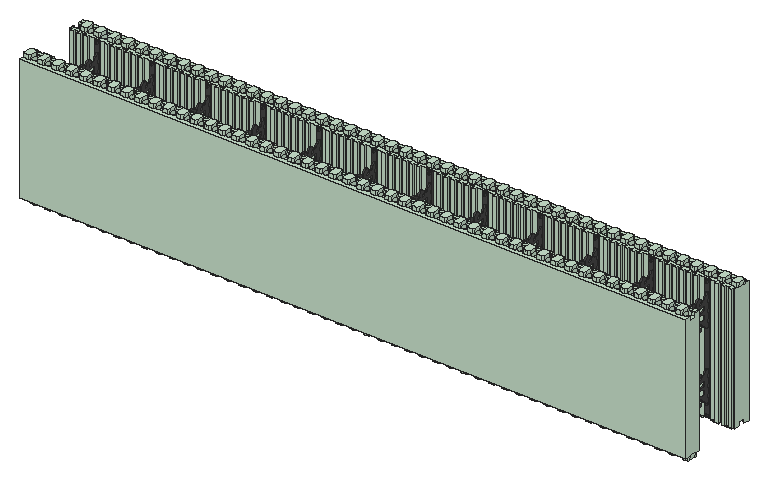
Revit family (continued)
Forms (mm)
  Extrusion 106, void
    sketch origin (457.2, 0.196, 0) x (-1, 0, 0) y (0, -1, 0)
      loop
        arc (50.8, 124.411) -> (49.585, 128.147) -> (46.404, 130.453) r 6.35
        arc (46.404, 130.453) -> (38.1, 131.763) -> (29.796, 130.453) r 26.987
        arc (29.796, 130.453) -> (26.615, 128.147) -> (25.4, 124.411) r 6.35
    from 0 to 12.7
  Extrusion 107, void
    sketch origin (508, 0.196, 0) x (-1, 0, 0) y (0, -1, 0)
      loop
        line (25.4, 124.411) -> (25.4, 101.014)
        arc (25.4, 101.014) -> (26.615, 97.278) -> (29.796, 94.972) r 6.35
        arc (29.796, 94.972) -> (36.091, 93.737) -> (42.5, 94.024) r 26.988
        arc (42.5, 94.024) -> (43.786, 93.668) -> (44.346, 92.457) r 1.587
        line (44.346, 92.457) -> (44.346, 86.829) -> (48.685, 86.829) -> (48.685, 95.62)
        arc (48.685, 95.62) -> (48.795, 96.199) -> (49.108, 96.698) r 1.588
        arc (49.108, 96.698) -> (50.362, 98.696) -> (50.8, 101.014) r 6.35
        line (50.8, 101.014) -> (50.8, 124.411)
        arc (50.8, 124.411) -> (49.585, 128.147) -> (46.404, 130.453) r 6.35
        arc (46.404, 130.453) -> (38.1, 131.763) -> (29.796, 130.453) r 26.987
        arc (29.796, 130.453) -> (26.615, 128.147) -> (25.4, 124.411) r 6.35
    from 0 to 12.7
  Extrusion 108, void
    sketch origin (558.8, 0.196, 0) x (-1, 0, 0) y (0, -1, 0)
      loop
        line (25.4, 124.411) -> (25.4, 101.014)
        arc (25.4, 101.014) -> (26.615, 97.278) -> (29.796, 94.972) r 6.35
        arc (29.796, 94.972) -> (36.091, 93.737) -> (42.5, 94.024) r 26.988
        arc (42.5, 94.024) -> (43.786, 93.668) -> (44.346, 92.457) r 1.587
        line (44.346, 92.457) -> (44.346, 86.829) -> (48.685, 86.829) -> (48.685, 95.62)
        arc (48.685, 95.62) -> (48.795, 96.199) -> (49.108, 96.698) r 1.588
        arc (49.108, 96.698) -> (50.362, 98.696) -> (50.8, 101.014) r 6.35
        line (50.8, 101.014) -> (50.8, 124.411)
        arc (50.8, 124.411) -> (49.585, 128.147) -> (46.404, 130.453) r 6.35
        arc (46.404, 130.453) -> (38.1, 131.763) -> (29.796, 130.453) r 26.987
        arc (29.796, 130.453) -> (26.615, 128.147) -> (25.4, 124.411) r 6.35
    from 0 to 12.7
  Extrusion 109, void
    sketch origin (609.6, 0.196, 0) x (-1, 0, 0) y (0, -1, 0)
      loop
        line (25.4, 124.411) -> (25.4, 101.014)
        arc (25.4, 101.014) -> (26.615, 97.278) -> (29.796, 94.972) r 6.35
        arc (29.796, 94.972) -> (36.091, 93.737) -> (42.5, 94.024) r 26.988
        arc (42.5, 94.024) -> (43.786, 93.668) -> (44.346, 92.457) r 1.587
        line (44.346, 92.457) -> (44.346, 86.829) -> (48.685, 86.829) -> (48.685, 95.62)
        arc (48.685, 95.62) -> (48.795, 96.199) -> (49.108, 96.698) r 1.588
        arc (49.108, 96.698) -> (50.362, 98.696) -> (50.8, 101.014) r 6.35
        line (50.8, 101.014) -> (50.8, 124.411)
        arc (50.8, 124.411) -> (49.585, 128.147) -> (46.404, 130.453) r 6.35
        arc (46.404, 130.453) -> (38.1, 131.763) -> (29.796, 130.453) r 26.987
        arc (29.796, 130.453) -> (26.615, 128.147) -> (25.4, 124.411) r 6.35
    from 0 to 12.7
  Extrusion 110, void
    sketch origin (660.4, 0.196, 0) x (-1, 0, 0) y (0, -1, 0)
      loop
        line (25.4, 124.411) -> (25.4, 101.014)
        arc (25.4, 101.014) -> (26.615, 97.278) -> (29.796, 94.972) r 6.35
        arc (29.796, 94.972) -> (36.091, 93.737) -> (42.5, 94.024) r 26.988
        arc (42.5, 94.024) -> (43.786, 93.668) -> (44.346, 92.457) r 1.587
        line (44.346, 92.457) -> (44.346, 86.829) -> (48.685, 86.829) -> (48.685, 95.62)
        arc (48.685, 95.62) -> (48.795, 96.199) -> (49.108, 96.698) r 1.588
        arc (49.108, 96.698) -> (50.362, 98.696) -> (50.8, 101.014) r 6.35
        line (50.8, 101.014) -> (50.8, 124.411)
        arc (50.8, 124.411) -> (49.585, 128.147) -> (46.404, 130.453) r 6.35
        arc (46.404, 130.453) -> (38.1, 131.763) -> (29.796, 130.453) r 26.987
        arc (29.796, 130.453) -> (26.615, 128.147) -> (25.4, 124.411) r 6.35
    from 0 to 12.7
  Extrusion 111, void
    sketch origin (711.2, 0.196, 0) x (-1, 0, 0) y (0, -1, 0)
      loop
        line (25.4, 124.411) -> (25.4, 101.014)
        arc (25.4, 101.014) -> (26.615, 97.278) -> (29.796, 94.972) r 6.35
        arc (29.796, 94.972) -> (36.091, 93.737) -> (42.5, 94.024) r 26.988
        arc (42.5, 94.024) -> (43.786, 93.668) -> (44.346, 92.457) r 1.587
        line (44.346, 92.457) -> (44.346, 86.829) -> (48.685, 86.829) -> (48.685, 95.62)
        arc (48.685, 95.62) -> (48.795, 96.199) -> (49.108, 96.698) r 1.588
        arc (49.108, 96.698) -> (50.362, 98.696) -> (50.8, 101.014) r 6.35
        line (50.8, 101.014) -> (50.8, 124.411)
        arc (50.8, 124.411) -> (49.585, 128.147) -> (46.404, 130.453) r 6.35
        arc (46.404, 130.453) -> (38.1, 131.763) -> (29.796, 130.453) r 26.987
        arc (29.796, 130.453) -> (26.615, 128.147) -> (25.4, 124.411) r 6.35
    from 0 to 12.7
  Extrusion 112, void
    sketch origin (762, 0.196, 0) x (-1, 0, 0) y (0, -1, 0)
      loop
        line (25.4, 124.411) -> (25.4, 101.014)
        arc (25.4, 101.014) -> (26.615, 97.278) -> (29.796, 94.972) r 6.35
        arc (29.796, 94.972) -> (36.091, 93.737) -> (42.5, 94.024) r 26.988
        arc (42.5, 94.024) -> (43.786, 93.668) -> (44.346, 92.457) r 1.587
        line (44.346, 92.457) -> (44.346, 86.829) -> (48.685, 86.829) -> (48.685, 95.62)
        arc (48.685, 95.62) -> (48.795, 96.199) -> (49.108, 96.698) r 1.588
        arc (49.108, 96.698) -> (50.362, 98.696) -> (50.8, 101.014) r 6.35
        line (50.8, 101.014) -> (50.8, 124.411)
        arc (50.8, 124.411) -> (49.585, 128.147) -> (46.404, 130.453) r 6.35
        arc (46.404, 130.453) -> (38.1, 131.763) -> (29.796, 130.453) r 26.987
        arc (29.796, 130.453) -> (26.615, 128.147) -> (25.4, 124.411) r 6.35
    from 0 to 12.7
  Extrusion 113, void
    sketch origin (812.8, 0.196, 0) x (-1, 0, 0) y (0, -1, 0)
      loop
        line (25.4, 124.411) -> (25.4, 101.014)
        arc (25.4, 101.014) -> (26.615, 97.278) -> (29.796, 94.972) r 6.35
        arc (29.796, 94.972) -> (36.091, 93.737) -> (42.5, 94.024) r 26.988
        arc (42.5, 94.024) -> (43.786, 93.668) -> (44.346, 92.457) r 1.587
        line (44.346, 92.457) -> (44.346, 86.829) -> (48.685, 86.829) -> (48.685, 95.62)
        arc (48.685, 95.62) -> (48.795, 96.199) -> (49.108, 96.698) r 1.588
        arc (49.108, 96.698) -> (50.362, 98.696) -> (50.8, 101.014) r 6.35
        line (50.8, 101.014) -> (50.8, 124.411)
        arc (50.8, 124.411) -> (49.585, 128.147) -> (46.404, 130.453) r 6.35
        arc (46.404, 130.453) -> (38.1, 131.763) -> (29.796, 130.453) r 26.987
        arc (29.796, 130.453) -> (26.615, 128.147) -> (25.4, 124.411) r 6.35
    from 0 to 12.7
  Extrusion 114, void
    sketch origin (863.6, 0.196, 0) x (-1, 0, 0) y (0, -1, 0)
      loop
        line (25.4, 124.411) -> (25.4, 101.014)
        arc (25.4, 101.014) -> (26.615, 97.278) -> (29.796, 94.972) r 6.35
        arc (29.796, 94.972) -> (36.091, 93.737) -> (42.5, 94.024) r 26.988
        arc (42.5, 94.024) -> (43.786, 93.668) -> (44.346, 92.457) r 1.587
        line (44.346, 92.457) -> (44.346, 86.829) -> (48.685, 86.829) -> (48.685, 95.62)
        arc (48.685, 95.62) -> (48.795, 96.199) -> (49.108, 96.698) r 1.588
        arc (49.108, 96.698) -> (50.362, 98.696) -> (50.8, 101.014) r 6.35
        line (50.8, 101.014) -> (50.8, 124.411)
        arc (50.8, 124.411) -> (49.585, 128.147) -> (46.404, 130.453) r 6.35
        arc (46.404, 130.453) -> (38.1, 131.763) -> (29.796, 130.453) r 26.987
        arc (29.796, 130.453) -> (26.615, 128.147) -> (25.4, 124.411) r 6.35
    from 0 to 12.7
  Extrusion 115, void
    sketch origin (914.4, 0.196, 0) x (-1, 0, 0) y (0, -1, 0)
      loop
        line (25.4, 124.411) -> (25.4, 101.014)
        arc (25.4, 101.014) -> (26.615, 97.278) -> (29.796, 94.972) r 6.35
        arc (29.796, 94.972) -> (36.091, 93.737) -> (42.5, 94.024) r 26.988
        arc (42.5, 94.024) -> (43.786, 93.668) -> (44.346, 92.457) r 1.587
        line (44.346, 92.457) -> (44.346, 86.829) -> (48.685, 86.829) -> (48.685, 95.62)
        arc (48.685, 95.62) -> (48.795, 96.199) -> (49.108, 96.698) r 1.588
        arc (49.108, 96.698) -> (50.362, 98.696) -> (50.8, 101.014) r 6.35
        line (50.8, 101.014) -> (50.8, 124.411)
        arc (50.8, 124.411) -> (49.585, 128.147) -> (46.404, 130.453) r 6.35
        arc (46.404, 130.453) -> (38.1, 131.763) -> (29.796, 130.453) r 26.987
        arc (29.796, 130.453) -> (26.615, 128.147) -> (25.4, 124.411) r 6.35
    from 0 to 12.7
  Extrusion 116, void
    sketch origin (965.2, 0.196, 0) x (-1, 0, 0) y (0, -1, 0)
      loop
        line (25.4, 124.411) -> (25.4, 101.014)
        arc (25.4, 101.014) -> (26.615, 97.278) -> (29.796, 94.972) r 6.35
        arc (29.796, 94.972) -> (36.091, 93.737) -> (42.5, 94.024) r 26.988
        arc (42.5, 94.024) -> (43.786, 93.668) -> (44.346, 92.457) r 1.587
        line (44.346, 92.457) -> (44.346, 86.829) -> (48.685, 86.829) -> (48.685, 95.62)
        arc (48.685, 95.62) -> (48.795, 96.199) -> (49.108, 96.698) r 1.588
        arc (49.108, 96.698) -> (50.362, 98.696) -> (50.8, 101.014) r 6.35
        line (50.8, 101.014) -> (50.8, 124.411)
        arc (50.8, 124.411) -> (49.585, 128.147) -> (46.404, 130.453) r 6.35
        arc (46.404, 130.453) -> (38.1, 131.763) -> (29.796, 130.453) r 26.987
        arc (29.796, 130.453) -> (26.615, 128.147) -> (25.4, 124.411) r 6.35
    from 0 to 12.7
  Extrusion 117, void
    sketch origin (1016, 0.196, 0) x (-1, 0, 0) y (0, -1, 0)
      loop
        line (25.4, 124.411) -> (25.4, 101.014)
        arc (25.4, 101.014) -> (26.615, 97.278) -> (29.796, 94.972) r 6.35
        arc (29.796, 94.972) -> (36.091, 93.737) -> (42.5, 94.024) r 26.988
        arc (42.5, 94.024) -> (43.786, 93.668) -> (44.346, 92.457) r 1.587
        line (44.346, 92.457) -> (44.346, 86.829) -> (48.685, 86.829) -> (48.685, 95.62)
        arc (48.685, 95.62) -> (48.795, 96.199) -> (49.108, 96.698) r 1.588
        arc (49.108, 96.698) -> (50.362, 98.696) -> (50.8, 101.014) r 6.35
        line (50.8, 101.014) -> (50.8, 124.411)
        arc (50.8, 124.411) -> (49.585, 128.147) -> (46.404, 130.453) r 6.35
        arc (46.404, 130.453) -> (38.1, 131.763) -> (29.796, 130.453) r 26.987
        arc (29.796, 130.453) -> (26.615, 128.147) -> (25.4, 124.411) r 6.35
    from 0 to 12.7
  Extrusion 118, void
    sketch origin (1066.8, 0.196, 0) x (-1, 0, 0) y (0, -1, 0)
      loop
        line (25.4, 124.411) -> (25.4, 101.014)
        arc (25.4, 101.014) -> (26.615, 97.278) -> (29.796, 94.972) r 6.35
        arc (29.796, 94.972) -> (36.091, 93.737) -> (42.5, 94.024) r 26.988
        arc (42.5, 94.024) -> (43.786, 93.668) -> (44.346, 92.457) r 1.587
        line (44.346, 92.457) -> (44.346, 86.829) -> (48.685, 86.829) -> (48.685, 95.62)
        arc (48.685, 95.62) -> (48.795, 96.199) -> (49.108, 96.698) r 1.588
        arc (49.108, 96.698) -> (50.362, 98.696) -> (50.8, 101.014) r 6.35
        line (50.8, 101.014) -> (50.8, 124.411)
        arc (50.8, 124.411) -> (49.585, 128.147) -> (46.404, 130.453) r 6.35
        arc (46.404, 130.453) -> (38.1, 131.763) -> (29.796, 130.453) r 26.987
        arc (29.796, 130.453) -> (26.615, 128.147) -> (25.4, 124.411) r 6.35
    from 0 to 12.7
  Extrusion 119, void
    sketch origin (1117.6, 0.196, 0) x (-1, 0, 0) y (0, -1, 0)
      loop
        line (25.4, 124.411) -> (25.4, 101.014)
        arc (25.4, 101.014) -> (26.615, 97.278) -> (29.796, 94.972) r 6.35
        arc (29.796, 94.972) -> (36.091, 93.737) -> (42.5, 94.024) r 26.988
        arc (42.5, 94.024) -> (43.786, 93.668) -> (44.346, 92.457) r 1.587
        line (44.346, 92.457) -> (44.346, 86.829) -> (48.685, 86.829) -> (48.685, 95.62)
        arc (48.685, 95.62) -> (48.795, 96.199) -> (49.108, 96.698) r 1.588
        arc (49.108, 96.698) -> (50.362, 98.696) -> (50.8, 101.014) r 6.35
        line (50.8, 101.014) -> (50.8, 124.411)
        arc (50.8, 124.411) -> (49.585, 128.147) -> (46.404, 130.453) r 6.35
        arc (46.404, 130.453) -> (38.1, 131.763) -> (29.796, 130.453) r 26.987
        arc (29.796, 130.453) -> (26.615, 128.147) -> (25.4, 124.411) r 6.35
    from 0 to 12.7
  Extrusion 120, void
    sketch origin (1168.4, 0.196, 0) x (-1, 0, 0) y (0, -1, 0)
      loop
        line (25.4, 124.411) -> (25.4, 101.014)
        arc (25.4, 101.014) -> (26.615, 97.278) -> (29.796, 94.972) r 6.35
        arc (29.796, 94.972) -> (36.091, 93.737) -> (42.5, 94.024) r 26.988
        arc (42.5, 94.024) -> (43.786, 93.668) -> (44.346, 92.457) r 1.587
        line (44.346, 92.457) -> (44.346, 86.829) -> (48.685, 86.829) -> (48.685, 95.62)
        arc (48.685, 95.62) -> (48.795, 96.199) -> (49.108, 96.698) r 1.588
        arc (49.108, 96.698) -> (50.362, 98.696) -> (50.8, 101.014) r 6.35
        line (50.8, 101.014) -> (50.8, 124.411)
        arc (50.8, 124.411) -> (49.585, 128.147) -> (46.404, 130.453) r 6.35
        arc (46.404, 130.453) -> (38.1, 131.763) -> (29.796, 130.453) r 26.987
        arc (29.796, 130.453) -> (26.615, 128.147) -> (25.4, 124.411) r 6.35
    from 0 to 12.7
  Extrusion 121, void
    sketch origin (1219.2, 0.196, 0) x (-1, 0, 0) y (0, -1, 0)
      loop
        line (25.4, 124.411) -> (25.4, 101.014)
        arc (25.4, 101.014) -> (26.615, 97.278) -> (29.796, 94.972) r 6.35
        arc (29.796, 94.972) -> (36.091, 93.737) -> (42.5, 94.024) r 26.988
        arc (42.5, 94.024) -> (43.786, 93.668) -> (44.346, 92.457) r 1.587
        line (44.346, 92.457) -> (44.346, 86.829) -> (48.685, 86.829) -> (48.685, 95.62)
        arc (48.685, 95.62) -> (48.795, 96.199) -> (49.108, 96.698) r 1.588
        arc (49.108, 96.698) -> (50.362, 98.696) -> (50.8, 101.014) r 6.35
        line (50.8, 101.014) -> (50.8, 124.411)
        arc (50.8, 124.411) -> (49.585, 128.147) -> (46.404, 130.453) r 6.35
        arc (46.404, 130.453) -> (38.1, 131.763) -> (29.796, 130.453) r 26.987
        arc (29.796, 130.453) -> (26.615, 128.147) -> (25.4, 124.411) r 6.35
    from 0 to 12.7
  Extrusion 122, void
    sketch origin (1270, 0.196, 0) x (-1, 0, 0) y (0, -1, 0)
      loop
        line (25.4, 124.411) -> (25.4, 101.014)
        arc (25.4, 101.014) -> (26.615, 97.278) -> (29.796, 94.972) r 6.35
        arc (29.796, 94.972) -> (36.091, 93.737) -> (42.5, 94.024) r 26.988
        arc (42.5, 94.024) -> (43.786, 93.668) -> (44.346, 92.457) r 1.587
        line (44.346, 92.457) -> (44.346, 86.829) -> (48.685, 86.829) -> (48.685, 95.62)
        arc (48.685, 95.62) -> (48.795, 96.199) -> (49.108, 96.698) r 1.588
        arc (49.108, 96.698) -> (50.362, 98.696) -> (50.8, 101.014) r 6.35
        line (50.8, 101.014) -> (50.8, 124.411)
        arc (50.8, 124.411) -> (49.585, 128.147) -> (46.404, 130.453) r 6.35
        arc (46.404, 130.453) -> (38.1, 131.763) -> (29.796, 130.453) r 26.987
        arc (29.796, 130.453) -> (26.615, 128.147) -> (25.4, 124.411) r 6.35
    from 0 to 12.7
  Extrusion 123, void
    sketch origin (1320.8, 0.196, 0) x (-1, 0, 0) y (0, -1, 0)
      loop
        line (25.4, 124.411) -> (25.4, 101.014)
        arc (25.4, 101.014) -> (26.615, 97.278) -> (29.796, 94.972) r 6.35
        arc (29.796, 94.972) -> (36.091, 93.737) -> (42.5, 94.024) r 26.988
        arc (42.5, 94.024) -> (43.786, 93.668) -> (44.346, 92.457) r 1.587
        line (44.346, 92.457) -> (44.346, 86.829) -> (48.685, 86.829) -> (48.685, 95.62)
        arc (48.685, 95.62) -> (48.795, 96.199) -> (49.108, 96.698) r 1.588
        arc (49.108, 96.698) -> (50.362, 98.696) -> (50.8, 101.014) r 6.35
        line (50.8, 101.014) -> (50.8, 124.411)
        arc (50.8, 124.411) -> (49.585, 128.147) -> (46.404, 130.453) r 6.35
        arc (46.404, 130.453) -> (38.1, 131.763) -> (29.796, 130.453) r 26.987
        arc (29.796, 130.453) -> (26.615, 128.147) -> (25.4, 124.411) r 6.35
    from 0 to 12.7
  Extrusion 124, void
    sketch origin (1371.6, 0.196, 0) x (-1, 0, 0) y (0, -1, 0)
      loop
        line (25.4, 124.411) -> (25.4, 101.014)
        arc (25.4, 101.014) -> (26.615, 97.278) -> (29.796, 94.972) r 6.35
        arc (29.796, 94.972) -> (36.091, 93.737) -> (42.5, 94.024) r 26.988
        arc (42.5, 94.024) -> (43.786, 93.668) -> (44.346, 92.457) r 1.587
        line (44.346, 92.457) -> (44.346, 86.829) -> (48.685, 86.829) -> (48.685, 95.62)
        arc (48.685, 95.62) -> (48.795, 96.199) -> (49.108, 96.698) r 1.588
        arc (49.108, 96.698) -> (50.362, 98.696) -> (50.8, 101.014) r 6.35
        line (50.8, 101.014) -> (50.8, 124.411)
        arc (50.8, 124.411) -> (49.585, 128.147) -> (46.404, 130.453) r 6.35
        arc (46.404, 130.453) -> (38.1, 131.763) -> (29.796, 130.453) r 26.987
        arc (29.796, 130.453) -> (26.615, 128.147) -> (25.4, 124.411) r 6.35
    from 0 to 12.7
  Extrusion 125, void
    sketch origin (1422.4, 0.196, 0) x (-1, 0, 0) y (0, -1, 0)
      loop
        line (25.4, 124.411) -> (25.4, 101.014)
        arc (25.4, 101.014) -> (26.615, 97.278) -> (29.796, 94.972) r 6.35
        arc (29.796, 94.972) -> (36.091, 93.737) -> (42.5, 94.024) r 26.988
        arc (42.5, 94.024) -> (43.786, 93.668) -> (44.346, 92.457) r 1.587
        line (44.346, 92.457) -> (44.346, 86.829) -> (48.685, 86.829) -> (48.685, 95.62)
        arc (48.685, 95.62) -> (48.795, 96.199) -> (49.108, 96.698) r 1.588
        arc (49.108, 96.698) -> (50.362, 98.696) -> (50.8, 101.014) r 6.35
        line (50.8, 101.014) -> (50.8, 124.411)
        arc (50.8, 124.411) -> (49.585, 128.147) -> (46.404, 130.453) r 6.35
        arc (46.404, 130.453) -> (38.1, 131.763) -> (29.796, 130.453) r 26.987
        arc (29.796, 130.453) -> (26.615, 128.147) -> (25.4, 124.411) r 6.35
    from 0 to 12.7
  Extrusion 126, void
    sketch origin (1473.2, 0.196, 0) x (-1, 0, 0) y (0, -1, 0)
      loop
        line (25.4, 124.411) -> (25.4, 101.014)
        arc (25.4, 101.014) -> (26.615, 97.278) -> (29.796, 94.972) r 6.35
        arc (29.796, 94.972) -> (36.091, 93.737) -> (42.5, 94.024) r 26.988
        arc (42.5, 94.024) -> (43.786, 93.668) -> (44.346, 92.457) r 1.587
        line (44.346, 92.457) -> (44.346, 86.829) -> (48.685, 86.829) -> (48.685, 95.62)
        arc (48.685, 95.62) -> (48.795, 96.199) -> (49.108, 96.698) r 1.588
        arc (49.108, 96.698) -> (50.362, 98.696) -> (50.8, 101.014) r 6.35
        line (50.8, 101.014) -> (50.8, 124.411)
        arc (50.8, 124.411) -> (49.585, 128.147) -> (46.404, 130.453) r 6.35
        arc (46.404, 130.453) -> (38.1, 131.763) -> (29.796, 130.453) r 26.987
        arc (29.796, 130.453) -> (26.615, 128.147) -> (25.4, 124.411) r 6.35
    from 0 to 12.7
  Extrusion 127, void
    sketch origin (1524, 0.196, 0) x (-1, 0, 0) y (0, -1, 0)
      loop
        line (25.4, 124.411) -> (25.4, 101.014)
        arc (25.4, 101.014) -> (26.615, 97.278) -> (29.796, 94.972) r 6.35
        arc (29.796, 94.972) -> (36.091, 93.737) -> (42.5, 94.024) r 26.988
        arc (42.5, 94.024) -> (43.786, 93.668) -> (44.346, 92.457) r 1.587
        line (44.346, 92.457) -> (44.346, 86.829) -> (48.685, 86.829) -> (48.685, 95.62)
        arc (48.685, 95.62) -> (48.795, 96.199) -> (49.108, 96.698) r 1.588
        arc (49.108, 96.698) -> (50.362, 98.696) -> (50.8, 101.014) r 6.35
        line (50.8, 101.014) -> (50.8, 124.411)
        arc (50.8, 124.411) -> (49.585, 128.147) -> (46.404, 130.453) r 6.35
        arc (46.404, 130.453) -> (38.1, 131.763) -> (29.796, 130.453) r 26.987
        arc (29.796, 130.453) -> (26.615, 128.147) -> (25.4, 124.411) r 6.35
    from 0 to 12.7
  Extrusion 128, void
    sketch origin (1574.8, 0.196, 0) x (-1, 0, 0) y (0, -1, 0)
      loop
        line (25.4, 124.411) -> (25.4, 101.014)
        arc (25.4, 101.014) -> (26.615, 97.278) -> (29.796, 94.972) r 6.35
        arc (29.796, 94.972) -> (36.091, 93.737) -> (42.5, 94.024) r 26.988
        arc (42.5, 94.024) -> (43.786, 93.668) -> (44.346, 92.457) r 1.587
        line (44.346, 92.457) -> (44.346, 86.829) -> (48.685, 86.829) -> (48.685, 95.62)
        arc (48.685, 95.62) -> (48.795, 96.199) -> (49.108, 96.698) r 1.588
        arc (49.108, 96.698) -> (50.362, 98.696) -> (50.8, 101.014) r 6.35
        line (50.8, 101.014) -> (50.8, 124.411)
        arc (50.8, 124.411) -> (49.585, 128.147) -> (46.404, 130.453) r 6.35
        arc (46.404, 130.453) -> (38.1, 131.763) -> (29.796, 130.453) r 26.987
        arc (29.796, 130.453) -> (26.615, 128.147) -> (25.4, 124.411) r 6.35
    from 0 to 12.7
  Extrusion 129, void
    sketch origin (1625.6, 0.196, 0) x (-1, 0, 0) y (0, -1, 0)
      loop
        line (25.4, 124.411) -> (25.4, 101.014)
        arc (25.4, 101.014) -> (26.615, 97.278) -> (29.796, 94.972) r 6.35
        arc (29.796, 94.972) -> (36.091, 93.737) -> (42.5, 94.024) r 26.988
        arc (42.5, 94.024) -> (43.786, 93.668) -> (44.346, 92.457) r 1.587
        line (44.346, 92.457) -> (44.346, 86.829) -> (48.685, 86.829) -> (48.685, 95.62)
        arc (48.685, 95.62) -> (48.795, 96.199) -> (49.108, 96.698) r 1.588
        arc (49.108, 96.698) -> (50.362, 98.696) -> (50.8, 101.014) r 6.35
        line (50.8, 101.014) -> (50.8, 124.411)
        arc (50.8, 124.411) -> (49.585, 128.147) -> (46.404, 130.453) r 6.35
        arc (46.404, 130.453) -> (38.1, 131.763) -> (29.796, 130.453) r 26.987
        arc (29.796, 130.453) -> (26.615, 128.147) -> (25.4, 124.411) r 6.35
    from 0 to 12.7
  Extrusion 130, void
    sketch origin (1676.4, 0.196, 0) x (-1, 0, 0) y (0, -1, 0)
      loop
        line (25.4, 124.411) -> (25.4, 101.014)
        arc (25.4, 101.014) -> (26.615, 97.278) -> (29.796, 94.972) r 6.35
        arc (29.796, 94.972) -> (36.091, 93.737) -> (42.5, 94.024) r 26.988
        arc (42.5, 94.024) -> (43.786, 93.668) -> (44.346, 92.457) r 1.587
        line (44.346, 92.457) -> (44.346, 86.829) -> (48.685, 86.829) -> (48.685, 95.62)
        arc (48.685, 95.62) -> (48.795, 96.199) -> (49.108, 96.698) r 1.588
        arc (49.108, 96.698) -> (50.362, 98.696) -> (50.8, 101.014) r 6.35
        line (50.8, 101.014) -> (50.8, 124.411)
        arc (50.8, 124.411) -> (49.585, 128.147) -> (46.404, 130.453) r 6.35
        arc (46.404, 130.453) -> (38.1, 131.763) -> (29.796, 130.453) r 26.987
        arc (29.796, 130.453) -> (26.615, 128.147) -> (25.4, 124.411) r 6.35
    from 0 to 12.7
  Extrusion 131, void
    sketch origin (1727.2, 0.196, 0) x (-1, 0, 0) y (0, -1, 0)
      loop
        line (25.4, 124.411) -> (25.4, 101.014)
        arc (25.4, 101.014) -> (26.615, 97.278) -> (29.796, 94.972) r 6.35
        arc (29.796, 94.972) -> (36.091, 93.737) -> (42.5, 94.024) r 26.988
        arc (42.5, 94.024) -> (43.786, 93.668) -> (44.346, 92.457) r 1.587
        line (44.346, 92.457) -> (44.346, 86.829) -> (48.685, 86.829) -> (48.685, 95.62)
        arc (48.685, 95.62) -> (48.795, 96.199) -> (49.108, 96.698) r 1.588
        arc (49.108, 96.698) -> (50.362, 98.696) -> (50.8, 101.014) r 6.35
        line (50.8, 101.014) -> (50.8, 124.411)
        arc (50.8, 124.411) -> (49.585, 128.147) -> (46.404, 130.453) r 6.35
        arc (46.404, 130.453) -> (38.1, 131.763) -> (29.796, 130.453) r 26.987
        arc (29.796, 130.453) -> (26.615, 128.147) -> (25.4, 124.411) r 6.35
    from 0 to 12.7
  Extrusion 132, void
    sketch origin (1778, 0.196, 0) x (-1, 0, 0) y (0, -1, 0)
      loop
        line (25.4, 124.411) -> (25.4, 101.014)
        arc (25.4, 101.014) -> (26.615, 97.278) -> (29.796, 94.972) r 6.35
        arc (29.796, 94.972) -> (36.091, 93.737) -> (42.5, 94.024) r 26.988
        arc (42.5, 94.024) -> (43.786, 93.668) -> (44.346, 92.457) r 1.587
        line (44.346, 92.457) -> (44.346, 86.829) -> (48.685, 86.829) -> (48.685, 95.62)
        arc (48.685, 95.62) -> (48.795, 96.199) -> (49.108, 96.698) r 1.588
        arc (49.108, 96.698) -> (50.362, 98.696) -> (50.8, 101.014) r 6.35
        line (50.8, 101.014) -> (50.8, 124.411)
        arc (50.8, 124.411) -> (49.585, 128.147) -> (46.404, 130.453) r 6.35
        arc (46.404, 130.453) -> (38.1, 131.763) -> (29.796, 130.453) r 26.987
        arc (29.796, 130.453) -> (26.615, 128.147) -> (25.4, 124.411) r 6.35
    from 0 to 12.7
  Extrusion 133, void
    sketch origin (1828.8, 0.196, 0) x (-1, 0, 0) y (0, -1, 0)
      loop
        line (25.4, 124.411) -> (25.4, 101.014)
        arc (25.4, 101.014) -> (26.615, 97.278) -> (29.796, 94.972) r 6.35
        arc (29.796, 94.972) -> (36.091, 93.737) -> (42.5, 94.024) r 26.988
        arc (42.5, 94.024) -> (43.786, 93.668) -> (44.346, 92.457) r 1.587
        line (44.346, 92.457) -> (44.346, 86.829) -> (48.685, 86.829) -> (48.685, 95.62)
        arc (48.685, 95.62) -> (48.795, 96.199) -> (49.108, 96.698) r 1.588
        arc (49.108, 96.698) -> (50.362, 98.696) -> (50.8, 101.014) r 6.35
        line (50.8, 101.014) -> (50.8, 124.411)
        arc (50.8, 124.411) -> (49.585, 128.147) -> (46.404, 130.453) r 6.35
        arc (46.404, 130.453) -> (38.1, 131.763) -> (29.796, 130.453) r 26.987
        arc (29.796, 130.453) -> (26.615, 128.147) -> (25.4, 124.411) r 6.35
    from 0 to 12.7
  Extrusion 134, void
    sketch origin (1879.6, 0.196, 0) x (-1, 0, 0) y (0, -1, 0)
      loop
        line (25.4, 124.411) -> (25.4, 101.014)
        arc (25.4, 101.014) -> (26.615, 97.278) -> (29.796, 94.972) r 6.35
        arc (29.796, 94.972) -> (36.091, 93.737) -> (42.5, 94.024) r 26.988
        arc (42.5, 94.024) -> (43.786, 93.668) -> (44.346, 92.457) r 1.587
        line (44.346, 92.457) -> (44.346, 86.829) -> (48.685, 86.829) -> (48.685, 95.62)
        arc (48.685, 95.62) -> (48.795, 96.199) -> (49.108, 96.698) r 1.588
        arc (49.108, 96.698) -> (50.362, 98.696) -> (50.8, 101.014) r 6.35
        line (50.8, 101.014) -> (50.8, 124.411)
        arc (50.8, 124.411) -> (49.585, 128.147) -> (46.404, 130.453) r 6.35
        arc (46.404, 130.453) -> (38.1, 131.763) -> (29.796, 130.453) r 26.987
        arc (29.796, 130.453) -> (26.615, 128.147) -> (25.4, 124.411) r 6.35
    from 0 to 12.7
  Extrusion 135, void
    sketch origin (1930.4, 0.196, 0) x (-1, 0, 0) y (0, -1, 0)
      loop
        line (25.4, 124.411) -> (25.4, 101.014)
        arc (25.4, 101.014) -> (26.615, 97.278) -> (29.796, 94.972) r 6.35
        arc (29.796, 94.972) -> (36.091, 93.737) -> (42.5, 94.024) r 26.988
        arc (42.5, 94.024) -> (43.786, 93.668) -> (44.346, 92.457) r 1.587
        line (44.346, 92.457) -> (44.346, 86.829) -> (48.685, 86.829) -> (48.685, 95.62)
        arc (48.685, 95.62) -> (48.795, 96.199) -> (49.108, 96.698) r 1.588
        arc (49.108, 96.698) -> (50.362, 98.696) -> (50.8, 101.014) r 6.35
        line (50.8, 101.014) -> (50.8, 124.411)
        arc (50.8, 124.411) -> (49.585, 128.147) -> (46.404, 130.453) r 6.35
        arc (46.404, 130.453) -> (38.1, 131.763) -> (29.796, 130.453) r 26.987
        arc (29.796, 130.453) -> (26.615, 128.147) -> (25.4, 124.411) r 6.35
    from 0 to 12.7
  Extrusion 136, void
    sketch origin (1981.2, 0.196, 0) x (-1, 0, 0) y (0, -1, 0)
      loop
        line (25.4, 124.411) -> (25.4, 101.014)
        arc (25.4, 101.014) -> (26.615, 97.278) -> (29.796, 94.972) r 6.35
        arc (29.796, 94.972) -> (36.091, 93.737) -> (42.5, 94.024) r 26.988
        arc (42.5, 94.024) -> (43.786, 93.668) -> (44.346, 92.457) r 1.587
        line (44.346, 92.457) -> (44.346, 86.829) -> (48.685, 86.829) -> (48.685, 95.62)
        arc (48.685, 95.62) -> (48.795, 96.199) -> (49.108, 96.698) r 1.588
        arc (49.108, 96.698) -> (50.362, 98.696) -> (50.8, 101.014) r 6.35
        line (50.8, 101.014) -> (50.8, 124.411)
        arc (50.8, 124.411) -> (49.585, 128.147) -> (46.404, 130.453) r 6.35
        arc (46.404, 130.453) -> (38.1, 131.763) -> (29.796, 130.453) r 26.987
        arc (29.796, 130.453) -> (26.615, 128.147) -> (25.4, 124.411) r 6.35
    from 0 to 12.7
  Extrusion 137, void
    sketch origin (2032, 0.196, 0) x (-1, 0, 0) y (0, -1, 0)
      loop
        line (25.4, 124.411) -> (25.4, 101.014)
        arc (25.4, 101.014) -> (26.615, 97.278) -> (29.796, 94.972) r 6.35
        arc (29.796, 94.972) -> (36.091, 93.737) -> (42.5, 94.024) r 26.988
        arc (42.5, 94.024) -> (43.786, 93.668) -> (44.346, 92.457) r 1.587
        line (44.346, 92.457) -> (44.346, 86.829) -> (48.685, 86.829) -> (48.685, 95.62)
        arc (48.685, 95.62) -> (48.795, 96.199) -> (49.108, 96.698) r 1.588
        arc (49.108, 96.698) -> (50.362, 98.696) -> (50.8, 101.014) r 6.35
        line (50.8, 101.014) -> (50.8, 124.411)
        arc (50.8, 124.411) -> (49.585, 128.147) -> (46.404, 130.453) r 6.35
        arc (46.404, 130.453) -> (38.1, 131.763) -> (29.796, 130.453) r 26.987
        arc (29.796, 130.453) -> (26.615, 128.147) -> (25.4, 124.411) r 6.35
    from 0 to 12.7
  Extrusion 138, void
    sketch origin (2082.8, 0.196, 0) x (-1, 0, 0) y (0, -1, 0)
      loop
        line (25.4, 124.411) -> (25.4, 101.014)
        arc (25.4, 101.014) -> (26.615, 97.278) -> (29.796, 94.972) r 6.35
        arc (29.796, 94.972) -> (36.091, 93.737) -> (42.5, 94.024) r 26.988
        arc (42.5, 94.024) -> (43.786, 93.668) -> (44.346, 92.457) r 1.587
        line (44.346, 92.457) -> (44.346, 86.829) -> (48.685, 86.829) -> (48.685, 95.62)
        arc (48.685, 95.62) -> (48.795, 96.199) -> (49.108, 96.698) r 1.588
        arc (49.108, 96.698) -> (50.362, 98.696) -> (50.8, 101.014) r 6.35
        line (50.8, 101.014) -> (50.8, 124.411)
        arc (50.8, 124.411) -> (49.585, 128.147) -> (46.404, 130.453) r 6.35
        arc (46.404, 130.453) -> (38.1, 131.763) -> (29.796, 130.453) r 26.987
        arc (29.796, 130.453) -> (26.615, 128.147) -> (25.4, 124.411) r 6.35
    from 0 to 12.7
  Extrusion 139, void
    sketch origin (2133.6, 0.196, 0) x (-1, 0, 0) y (0, -1, 0)
      loop
        line (25.4, 124.411) -> (25.4, 101.014)
        arc (25.4, 101.014) -> (26.615, 97.278) -> (29.796, 94.972) r 6.35
        arc (29.796, 94.972) -> (36.091, 93.737) -> (42.5, 94.024) r 26.988
        arc (42.5, 94.024) -> (43.786, 93.668) -> (44.346, 92.457) r 1.587
        line (44.346, 92.457) -> (44.346, 86.829) -> (48.685, 86.829) -> (48.685, 95.62)
        arc (48.685, 95.62) -> (48.795, 96.199) -> (49.108, 96.698) r 1.588
        arc (49.108, 96.698) -> (50.362, 98.696) -> (50.8, 101.014) r 6.35
        line (50.8, 101.014) -> (50.8, 124.411)
        arc (50.8, 124.411) -> (49.585, 128.147) -> (46.404, 130.453) r 6.35
        arc (46.404, 130.453) -> (38.1, 131.763) -> (29.796, 130.453) r 26.987
        arc (29.796, 130.453) -> (26.615, 128.147) -> (25.4, 124.411) r 6.35
    from 0 to 12.7
  Extrusion 140, void
    sketch origin (2184.4, 0.196, 0) x (-1, 0, 0) y (0, -1, 0)
      loop
        line (25.4, 124.411) -> (25.4, 101.014)
        arc (25.4, 101.014) -> (26.615, 97.278) -> (29.796, 94.972) r 6.35
        arc (29.796, 94.972) -> (36.091, 93.737) -> (42.5, 94.024) r 26.988
        arc (42.5, 94.024) -> (43.786, 93.668) -> (44.346, 92.457) r 1.587
        line (44.346, 92.457) -> (44.346, 86.829) -> (48.685, 86.829) -> (48.685, 95.62)
        arc (48.685, 95.62) -> (48.795, 96.199) -> (49.108, 96.698) r 1.588
        arc (49.108, 96.698) -> (50.362, 98.696) -> (50.8, 101.014) r 6.35
        line (50.8, 101.014) -> (50.8, 124.411)
        arc (50.8, 124.411) -> (49.585, 128.147) -> (46.404, 130.453) r 6.35
        arc (46.404, 130.453) -> (38.1, 131.763) -> (29.796, 130.453) r 26.987
        arc (29.796, 130.453) -> (26.615, 128.147) -> (25.4, 124.411) r 6.35
    from 0 to 12.7
  Extrusion 141, void
    sketch origin (2235.2, 0.196, 0) x (-1, 0, 0) y (0, -1, 0)
      loop
        line (25.4, 124.411) -> (25.4, 101.014)
        arc (25.4, 101.014) -> (26.615, 97.278) -> (29.796, 94.972) r 6.35
        arc (29.796, 94.972) -> (36.091, 93.737) -> (42.5, 94.024) r 26.988
        arc (42.5, 94.024) -> (43.786, 93.668) -> (44.346, 92.457) r 1.587
        line (44.346, 92.457) -> (44.346, 86.829) -> (48.685, 86.829) -> (48.685, 95.62)
        arc (48.685, 95.62) -> (48.795, 96.199) -> (49.108, 96.698) r 1.588
        arc (49.108, 96.698) -> (50.362, 98.696) -> (50.8, 101.014) r 6.35
        line (50.8, 101.014) -> (50.8, 124.411)
        arc (50.8, 124.411) -> (49.585, 128.147) -> (46.404, 130.453) r 6.35
        arc (46.404, 130.453) -> (38.1, 131.763) -> (29.796, 130.453) r 26.987
        arc (29.796, 130.453) -> (26.615, 128.147) -> (25.4, 124.411) r 6.35
    from 0 to 12.7
  Extrusion 142, void
    sketch origin (2286, 0.196, 0) x (-1, 0, 0) y (0, -1, 0)
      loop
        line (25.4, 124.411) -> (25.4, 101.014)
        arc (25.4, 101.014) -> (26.615, 97.278) -> (29.796, 94.972) r 6.35
        arc (29.796, 94.972) -> (36.091, 93.737) -> (42.5, 94.024) r 26.988
        arc (42.5, 94.024) -> (43.786, 93.668) -> (44.346, 92.457) r 1.587
        line (44.346, 92.457) -> (44.346, 86.829) -> (48.685, 86.829) -> (48.685, 95.62)
        arc (48.685, 95.62) -> (48.795, 96.199) -> (49.108, 96.698) r 1.588
        arc (49.108, 96.698) -> (50.362, 98.696) -> (50.8, 101.014) r 6.35
        line (50.8, 101.014) -> (50.8, 124.411)
        arc (50.8, 124.411) -> (49.585, 128.147) -> (46.404, 130.453) r 6.35
        arc (46.404, 130.453) -> (38.1, 131.763) -> (29.796, 130.453) r 26.987
        arc (29.796, 130.453) -> (26.615, 128.147) -> (25.4, 124.411) r 6.35
    from 0 to 12.7
  Extrusion 143, void
    sketch origin (2336.8, 0.196, 0) x (-1, 0, 0) y (0, -1, 0)
      loop
        line (25.4, 124.411) -> (25.4, 101.014)
        arc (25.4, 101.014) -> (26.615, 97.278) -> (29.796, 94.972) r 6.35
        arc (29.796, 94.972) -> (36.091, 93.737) -> (42.5, 94.024) r 26.988
        arc (42.5, 94.024) -> (43.786, 93.668) -> (44.346, 92.457) r 1.587
        line (44.346, 92.457) -> (44.346, 86.829) -> (48.685, 86.829) -> (48.685, 95.62)
        arc (48.685, 95.62) -> (48.795, 96.199) -> (49.108, 96.698) r 1.588
        arc (49.108, 96.698) -> (50.362, 98.696) -> (50.8, 101.014) r 6.35
        line (50.8, 101.014) -> (50.8, 124.411)
        arc (50.8, 124.411) -> (49.585, 128.147) -> (46.404, 130.453) r 6.35
        arc (46.404, 130.453) -> (38.1, 131.763) -> (29.796, 130.453) r 26.987
        arc (29.796, 130.453) -> (26.615, 128.147) -> (25.4, 124.411) r 6.35
    from 0 to 12.7
  Extrusion 144, void
    sketch origin (2387.6, 0.196, 0) x (-1, 0, 0) y (0, -1, 0)
      loop
        line (25.4, 124.411) -> (25.4, 101.014)
        arc (25.4, 101.014) -> (26.615, 97.278) -> (29.796, 94.972) r 6.35
        arc (29.796, 94.972) -> (36.091, 93.737) -> (42.5, 94.024) r 26.988
        arc (42.5, 94.024) -> (43.786, 93.668) -> (44.346, 92.457) r 1.587
        line (44.346, 92.457) -> (44.346, 86.829) -> (48.685, 86.829) -> (48.685, 95.62)
        arc (48.685, 95.62) -> (48.795, 96.199) -> (49.108, 96.698) r 1.588
        arc (49.108, 96.698) -> (50.362, 98.696) -> (50.8, 101.014) r 6.35
        line (50.8, 101.014) -> (50.8, 124.411)
        arc (50.8, 124.411) -> (49.585, 128.147) -> (46.404, 130.453) r 6.35
        arc (46.404, 130.453) -> (38.1, 131.763) -> (29.796, 130.453) r 26.987
        arc (29.796, 130.453) -> (26.615, 128.147) -> (25.4, 124.411) r 6.35
    from 0 to 12.7
  Extrusion 145, void
    sketch origin (2438.4, 0.196, 0) x (-1, 0, 0) y (0, -1, 0)
      loop
        line (25.4, 124.411) -> (25.4, 101.014)
        arc (25.4, 101.014) -> (26.615, 97.278) -> (29.796, 94.972) r 6.35
        arc (29.796, 94.972) -> (36.091, 93.737) -> (42.5, 94.024) r 26.988
        arc (42.5, 94.024) -> (43.786, 93.668) -> (44.346, 92.457) r 1.587
        line (44.346, 92.457) -> (44.346, 86.829) -> (48.685, 86.829) -> (48.685, 95.62)
        arc (48.685, 95.62) -> (48.795, 96.199) -> (49.108, 96.698) r 1.588
        arc (49.108, 96.698) -> (50.362, 98.696) -> (50.8, 101.014) r 6.35
        line (50.8, 101.014) -> (50.8, 124.411)
        arc (50.8, 124.411) -> (49.585, 128.147) -> (46.404, 130.453) r 6.35
        arc (46.404, 130.453) -> (38.1, 131.763) -> (29.796, 130.453) r 26.987
        arc (29.796, 130.453) -> (26.615, 128.147) -> (25.4, 124.411) r 6.35
    from 0 to 12.7
  Extrusion 146, void
    sketch origin (2387.6, 0.196, 0) x (1, 0, 0) y (0, 1, 0)
      loop
        line (25.4, 124.411) -> (25.4, 101.014)
        arc (25.4, 101.014) -> (26.615, 97.278) -> (29.796, 94.972) r 6.35
        arc (29.796, 94.972) -> (36.091, 93.737) -> (42.5, 94.024) r 26.988
        arc (42.5, 94.024) -> (43.786, 93.668) -> (44.346, 92.457) r 1.587
        line (44.346, 92.457) -> (44.346, 86.829) -> (48.685, 86.829) -> (48.685, 95.62)
        arc (48.685, 95.62) -> (48.795, 96.199) -> (49.108, 96.698) r 1.588
        arc (49.108, 96.698) -> (50.362, 98.696) -> (50.8, 101.014) r 6.35
        line (50.8, 101.014) -> (50.8, 124.411)
        arc (50.8, 124.411) -> (49.585, 128.147) -> (46.404, 130.453) r 6.35
        arc (46.404, 130.453) -> (38.1, 131.763) -> (29.796, 130.453) r 26.987
        arc (29.796, 130.453) -> (26.615, 128.147) -> (25.4, 124.411) r 6.35
    from 0 to 12.7
  Extrusion 147, void
    sketch origin (2336.8, 0.196, 0) x (1, 0, 0) y (0, 1, 0)
      loop
        line (25.4, 124.411) -> (25.4, 101.014)
        arc (25.4, 101.014) -> (26.615, 97.278) -> (29.796, 94.972) r 6.35
        arc (29.796, 94.972) -> (36.091, 93.737) -> (42.5, 94.024) r 26.988
        arc (42.5, 94.024) -> (43.786, 93.668) -> (44.346, 92.457) r 1.587
        line (44.346, 92.457) -> (44.346, 86.829) -> (48.685, 86.829) -> (48.685, 95.62)
        arc (48.685, 95.62) -> (48.795, 96.199) -> (49.108, 96.698) r 1.588
        arc (49.108, 96.698) -> (50.362, 98.696) -> (50.8, 101.014) r 6.35
        line (50.8, 101.014) -> (50.8, 124.411)
        arc (50.8, 124.411) -> (49.585, 128.147) -> (46.404, 130.453) r 6.35
        arc (46.404, 130.453) -> (38.1, 131.763) -> (29.796, 130.453) r 26.987
        arc (29.796, 130.453) -> (26.615, 128.147) -> (25.4, 124.411) r 6.35
    from 0 to 12.7
  Extrusion 148, void
    sketch origin (2286, 0.196, 0) x (1, 0, 0) y (0, 1, 0)
      loop
        line (25.4, 124.411) -> (25.4, 101.014)
        arc (25.4, 101.014) -> (26.615, 97.278) -> (29.796, 94.972) r 6.35
        arc (29.796, 94.972) -> (36.091, 93.737) -> (42.5, 94.024) r 26.988
        arc (42.5, 94.024) -> (43.786, 93.668) -> (44.346, 92.457) r 1.587
        line (44.346, 92.457) -> (44.346, 86.829) -> (48.685, 86.829) -> (48.685, 95.62)
        arc (48.685, 95.62) -> (48.795, 96.199) -> (49.108, 96.698) r 1.588
        arc (49.108, 96.698) -> (50.362, 98.696) -> (50.8, 101.014) r 6.35
        line (50.8, 101.014) -> (50.8, 124.411)
        arc (50.8, 124.411) -> (49.585, 128.147) -> (46.404, 130.453) r 6.35
        arc (46.404, 130.453) -> (38.1, 131.763) -> (29.796, 130.453) r 26.987
        arc (29.796, 130.453) -> (26.615, 128.147) -> (25.4, 124.411) r 6.35
    from 0 to 12.7
  Extrusion 149, void
    sketch origin (2235.2, 0.196, 0) x (1, 0, 0) y (0, 1, 0)
      loop
        line (25.4, 124.411) -> (25.4, 101.014)
        arc (25.4, 101.014) -> (26.615, 97.278) -> (29.796, 94.972) r 6.35
        arc (29.796, 94.972) -> (36.091, 93.737) -> (42.5, 94.024) r 26.988
        arc (42.5, 94.024) -> (43.786, 93.668) -> (44.346, 92.457) r 1.587
        line (44.346, 92.457) -> (44.346, 86.829) -> (48.685, 86.829) -> (48.685, 95.62)
        arc (48.685, 95.62) -> (48.795, 96.199) -> (49.108, 96.698) r 1.588
        arc (49.108, 96.698) -> (50.362, 98.696) -> (50.8, 101.014) r 6.35
        line (50.8, 101.014) -> (50.8, 124.411)
        arc (50.8, 124.411) -> (49.585, 128.147) -> (46.404, 130.453) r 6.35
        arc (46.404, 130.453) -> (38.1, 131.763) -> (29.796, 130.453) r 26.987
        arc (29.796, 130.453) -> (26.615, 128.147) -> (25.4, 124.411) r 6.35
    from 0 to 12.7
  Extrusion 150, void
    sketch origin (2184.4, 0.196, 0) x (1, 0, 0) y (0, 1, 0)
      loop
        line (25.4, 124.411) -> (25.4, 101.014)
        arc (25.4, 101.014) -> (26.615, 97.278) -> (29.796, 94.972) r 6.35
        arc (29.796, 94.972) -> (36.091, 93.737) -> (42.5, 94.024) r 26.988
        arc (42.5, 94.024) -> (43.786, 93.668) -> (44.346, 92.457) r 1.587
        line (44.346, 92.457) -> (44.346, 86.829) -> (48.685, 86.829) -> (48.685, 95.62)
        arc (48.685, 95.62) -> (48.795, 96.199) -> (49.108, 96.698) r 1.588
        arc (49.108, 96.698) -> (50.362, 98.696) -> (50.8, 101.014) r 6.35
        line (50.8, 101.014) -> (50.8, 124.411)
        arc (50.8, 124.411) -> (49.585, 128.147) -> (46.404, 130.453) r 6.35
        arc (46.404, 130.453) -> (38.1, 131.763) -> (29.796, 130.453) r 26.987
        arc (29.796, 130.453) -> (26.615, 128.147) -> (25.4, 124.411) r 6.35
    from 0 to 12.7
  Extrusion 151, void
    sketch origin (2133.6, 0.196, 0) x (1, 0, 0) y (0, 1, 0)
      loop
        line (25.4, 124.411) -> (25.4, 101.014)
        arc (25.4, 101.014) -> (26.615, 97.278) -> (29.796, 94.972) r 6.35
        arc (29.796, 94.972) -> (36.091, 93.737) -> (42.5, 94.024) r 26.988
        arc (42.5, 94.024) -> (43.786, 93.668) -> (44.346, 92.457) r 1.587
        line (44.346, 92.457) -> (44.346, 86.829) -> (48.685, 86.829) -> (48.685, 95.62)
        arc (48.685, 95.62) -> (48.795, 96.199) -> (49.108, 96.698) r 1.588
        arc (49.108, 96.698) -> (50.362, 98.696) -> (50.8, 101.014) r 6.35
        line (50.8, 101.014) -> (50.8, 124.411)
        arc (50.8, 124.411) -> (49.585, 128.147) -> (46.404, 130.453) r 6.35
        arc (46.404, 130.453) -> (38.1, 131.763) -> (29.796, 130.453) r 26.987
        arc (29.796, 130.453) -> (26.615, 128.147) -> (25.4, 124.411) r 6.35
    from 0 to 12.7
  Extrusion 152, void
    sketch origin (2082.8, 0.196, 0) x (1, 0, 0) y (0, 1, 0)
      loop
        line (25.4, 124.411) -> (25.4, 101.014)
        arc (25.4, 101.014) -> (26.615, 97.278) -> (29.796, 94.972) r 6.35
        arc (29.796, 94.972) -> (36.091, 93.737) -> (42.5, 94.024) r 26.988
        arc (42.5, 94.024) -> (43.786, 93.668) -> (44.346, 92.457) r 1.587
        line (44.346, 92.457) -> (44.346, 86.829) -> (48.685, 86.829) -> (48.685, 95.62)
        arc (48.685, 95.62) -> (48.795, 96.199) -> (49.108, 96.698) r 1.588
        arc (49.108, 96.698) -> (50.362, 98.696) -> (50.8, 101.014) r 6.35
        line (50.8, 101.014) -> (50.8, 124.411)
        arc (50.8, 124.411) -> (49.585, 128.147) -> (46.404, 130.453) r 6.35
        arc (46.404, 130.453) -> (38.1, 131.763) -> (29.796, 130.453) r 26.987
        arc (29.796, 130.453) -> (26.615, 128.147) -> (25.4, 124.411) r 6.35
    from 0 to 12.7
  Extrusion 153, void
    sketch origin (2032, 0.196, 0) x (1, 0, 0) y (0, 1, 0)
      loop
        line (25.4, 124.411) -> (25.4, 101.014)
        arc (25.4, 101.014) -> (26.615, 97.278) -> (29.796, 94.972) r 6.35
        arc (29.796, 94.972) -> (36.091, 93.737) -> (42.5, 94.024) r 26.988
        arc (42.5, 94.024) -> (43.786, 93.668) -> (44.346, 92.457) r 1.587
        line (44.346, 92.457) -> (44.346, 86.829) -> (48.685, 86.829) -> (48.685, 95.62)
        arc (48.685, 95.62) -> (48.795, 96.199) -> (49.108, 96.698) r 1.588
        arc (49.108, 96.698) -> (50.362, 98.696) -> (50.8, 101.014) r 6.35
        line (50.8, 101.014) -> (50.8, 124.411)
        arc (50.8, 124.411) -> (49.585, 128.147) -> (46.404, 130.453) r 6.35
        arc (46.404, 130.453) -> (38.1, 131.763) -> (29.796, 130.453) r 26.987
        arc (29.796, 130.453) -> (26.615, 128.147) -> (25.4, 124.411) r 6.35
    from 0 to 12.7
  Extrusion 154, void
    sketch origin (1981.2, 0.196, 0) x (1, 0, 0) y (0, 1, 0)
      loop
        line (25.4, 124.411) -> (25.4, 101.014)
        arc (25.4, 101.014) -> (26.615, 97.278) -> (29.796, 94.972) r 6.35
        arc (29.796, 94.972) -> (36.091, 93.737) -> (42.5, 94.024) r 26.988
        arc (42.5, 94.024) -> (43.786, 93.668) -> (44.346, 92.457) r 1.587
        line (44.346, 92.457) -> (44.346, 86.829) -> (48.685, 86.829) -> (48.685, 95.62)
        arc (48.685, 95.62) -> (48.795, 96.199) -> (49.108, 96.698) r 1.588
        arc (49.108, 96.698) -> (50.362, 98.696) -> (50.8, 101.014) r 6.35
        line (50.8, 101.014) -> (50.8, 124.411)
        arc (50.8, 124.411) -> (49.585, 128.147) -> (46.404, 130.453) r 6.35
        arc (46.404, 130.453) -> (38.1, 131.763) -> (29.796, 130.453) r 26.987
        arc (29.796, 130.453) -> (26.615, 128.147) -> (25.4, 124.411) r 6.35
    from 0 to 12.7
  Extrusion 155, void
    sketch origin (1930.4, 0.196, 0) x (1, 0, 0) y (0, 1, 0)
      loop
        line (25.4, 124.411) -> (25.4, 101.014)
        arc (25.4, 101.014) -> (26.615, 97.278) -> (29.796, 94.972) r 6.35
        arc (29.796, 94.972) -> (36.091, 93.737) -> (42.5, 94.024) r 26.988
        arc (42.5, 94.024) -> (43.786, 93.668) -> (44.346, 92.457) r 1.587
        line (44.346, 92.457) -> (44.346, 86.829) -> (48.685, 86.829) -> (48.685, 95.62)
        arc (48.685, 95.62) -> (48.795, 96.199) -> (49.108, 96.698) r 1.588
        arc (49.108, 96.698) -> (50.362, 98.696) -> (50.8, 101.014) r 6.35
        line (50.8, 101.014) -> (50.8, 124.411)
        arc (50.8, 124.411) -> (49.585, 128.147) -> (46.404, 130.453) r 6.35
        arc (46.404, 130.453) -> (38.1, 131.763) -> (29.796, 130.453) r 26.987
        arc (29.796, 130.453) -> (26.615, 128.147) -> (25.4, 124.411) r 6.35
    from 0 to 12.7
  Extrusion 156, void
    sketch origin (1879.6, 0.196, 0) x (1, 0, 0) y (0, 1, 0)
      loop
        line (25.4, 124.411) -> (25.4, 101.014)
        arc (25.4, 101.014) -> (26.615, 97.278) -> (29.796, 94.972) r 6.35
        arc (29.796, 94.972) -> (36.091, 93.737) -> (42.5, 94.024) r 26.988
        arc (42.5, 94.024) -> (43.786, 93.668) -> (44.346, 92.457) r 1.587
        line (44.346, 92.457) -> (44.346, 86.829) -> (48.685, 86.829) -> (48.685, 95.62)
        arc (48.685, 95.62) -> (48.795, 96.199) -> (49.108, 96.698) r 1.588
        arc (49.108, 96.698) -> (50.362, 98.696) -> (50.8, 101.014) r 6.35
        line (50.8, 101.014) -> (50.8, 124.411)
        arc (50.8, 124.411) -> (49.585, 128.147) -> (46.404, 130.453) r 6.35
        arc (46.404, 130.453) -> (38.1, 131.763) -> (29.796, 130.453) r 26.987
        arc (29.796, 130.453) -> (26.615, 128.147) -> (25.4, 124.411) r 6.35
    from 0 to 12.7
  Extrusion 157, void
    sketch origin (1828.8, 0.196, 0) x (1, 0, 0) y (0, 1, 0)
      loop
        line (25.4, 124.411) -> (25.4, 101.014)
        arc (25.4, 101.014) -> (26.615, 97.278) -> (29.796, 94.972) r 6.35
        arc (29.796, 94.972) -> (36.091, 93.737) -> (42.5, 94.024) r 26.988
        arc (42.5, 94.024) -> (43.786, 93.668) -> (44.346, 92.457) r 1.587
        line (44.346, 92.457) -> (44.346, 86.829) -> (48.685, 86.829) -> (48.685, 95.62)
        arc (48.685, 95.62) -> (48.795, 96.199) -> (49.108, 96.698) r 1.588
        arc (49.108, 96.698) -> (50.362, 98.696) -> (50.8, 101.014) r 6.35
        line (50.8, 101.014) -> (50.8, 124.411)
        arc (50.8, 124.411) -> (49.585, 128.147) -> (46.404, 130.453) r 6.35
        arc (46.404, 130.453) -> (38.1, 131.763) -> (29.796, 130.453) r 26.987
        arc (29.796, 130.453) -> (26.615, 128.147) -> (25.4, 124.411) r 6.35
    from 0 to 12.7
  Extrusion 158, void
    sketch origin (1778, 0.196, 0) x (1, 0, 0) y (0, 1, 0)
      loop
        line (25.4, 124.411) -> (25.4, 101.014)
        arc (25.4, 101.014) -> (26.615, 97.278) -> (29.796, 94.972) r 6.35
        arc (29.796, 94.972) -> (36.091, 93.737) -> (42.5, 94.024) r 26.988
        arc (42.5, 94.024) -> (43.786, 93.668) -> (44.346, 92.457) r 1.587
        line (44.346, 92.457) -> (44.346, 86.829) -> (48.685, 86.829) -> (48.685, 95.62)
        arc (48.685, 95.62) -> (48.795, 96.199) -> (49.108, 96.698) r 1.588
        arc (49.108, 96.698) -> (50.362, 98.696) -> (50.8, 101.014) r 6.35
        line (50.8, 101.014) -> (50.8, 124.411)
        arc (50.8, 124.411) -> (49.585, 128.147) -> (46.404, 130.453) r 6.35
        arc (46.404, 130.453) -> (38.1, 131.763) -> (29.796, 130.453) r 26.987
        arc (29.796, 130.453) -> (26.615, 128.147) -> (25.4, 124.411) r 6.35
    from 0 to 12.7
  Extrusion 159, void
    sketch origin (1727.2, 0.196, 0) x (1, 0, 0) y (0, 1, 0)
      loop
        line (25.4, 124.411) -> (25.4, 101.014)
        arc (25.4, 101.014) -> (26.615, 97.278) -> (29.796, 94.972) r 6.35
        arc (29.796, 94.972) -> (36.091, 93.737) -> (42.5, 94.024) r 26.988
        arc (42.5, 94.024) -> (43.786, 93.668) -> (44.346, 92.457) r 1.587
        line (44.346, 92.457) -> (44.346, 86.829) -> (48.685, 86.829) -> (48.685, 95.62)
        arc (48.685, 95.62) -> (48.795, 96.199) -> (49.108, 96.698) r 1.588
        arc (49.108, 96.698) -> (50.362, 98.696) -> (50.8, 101.014) r 6.35
        line (50.8, 101.014) -> (50.8, 124.411)
        arc (50.8, 124.411) -> (49.585, 128.147) -> (46.404, 130.453) r 6.35
        arc (46.404, 130.453) -> (38.1, 131.763) -> (29.796, 130.453) r 26.987
        arc (29.796, 130.453) -> (26.615, 128.147) -> (25.4, 124.411) r 6.35
    from 0 to 12.7
  Extrusion 160, void
    sketch origin (1676.4, 0.196, 0) x (1, 0, 0) y (0, 1, 0)
      loop
        line (25.4, 124.411) -> (25.4, 101.014)
        arc (25.4, 101.014) -> (26.615, 97.278) -> (29.796, 94.972) r 6.35
        arc (29.796, 94.972) -> (36.091, 93.737) -> (42.5, 94.024) r 26.988
        arc (42.5, 94.024) -> (43.786, 93.668) -> (44.346, 92.457) r 1.587
        line (44.346, 92.457) -> (44.346, 86.829) -> (48.685, 86.829) -> (48.685, 95.62)
        arc (48.685, 95.62) -> (48.795, 96.199) -> (49.108, 96.698) r 1.588
        arc (49.108, 96.698) -> (50.362, 98.696) -> (50.8, 101.014) r 6.35
        line (50.8, 101.014) -> (50.8, 124.411)
        arc (50.8, 124.411) -> (49.585, 128.147) -> (46.404, 130.453) r 6.35
        arc (46.404, 130.453) -> (38.1, 131.763) -> (29.796, 130.453) r 26.987
        arc (29.796, 130.453) -> (26.615, 128.147) -> (25.4, 124.411) r 6.35
    from 0 to 12.7
  Extrusion 161, void
    sketch origin (1625.6, 0.196, 0) x (1, 0, 0) y (0, 1, 0)
      loop
        line (25.4, 124.411) -> (25.4, 101.014)
        arc (25.4, 101.014) -> (26.615, 97.278) -> (29.796, 94.972) r 6.35
        arc (29.796, 94.972) -> (36.091, 93.737) -> (42.5, 94.024) r 26.988
        arc (42.5, 94.024) -> (43.786, 93.668) -> (44.346, 92.457) r 1.587
        line (44.346, 92.457) -> (44.346, 86.829) -> (48.685, 86.829) -> (48.685, 95.62)
        arc (48.685, 95.62) -> (48.795, 96.199) -> (49.108, 96.698) r 1.588
        arc (49.108, 96.698) -> (50.362, 98.696) -> (50.8, 101.014) r 6.35
        line (50.8, 101.014) -> (50.8, 124.411)
        arc (50.8, 124.411) -> (49.585, 128.147) -> (46.404, 130.453) r 6.35
        arc (46.404, 130.453) -> (38.1, 131.763) -> (29.796, 130.453) r 26.987
        arc (29.796, 130.453) -> (26.615, 128.147) -> (25.4, 124.411) r 6.35
    from 0 to 12.7
  Extrusion 162, void
    sketch origin (1574.8, 0.196, 0) x (1, 0, 0) y (0, 1, 0)
      loop
        line (25.4, 124.411) -> (25.4, 101.014)
        arc (25.4, 101.014) -> (26.615, 97.278) -> (29.796, 94.972) r 6.35
        arc (29.796, 94.972) -> (36.091, 93.737) -> (42.5, 94.024) r 26.988
        arc (42.5, 94.024) -> (43.786, 93.668) -> (44.346, 92.457) r 1.587
        line (44.346, 92.457) -> (44.346, 86.829) -> (48.685, 86.829) -> (48.685, 95.62)
        arc (48.685, 95.62) -> (48.795, 96.199) -> (49.108, 96.698) r 1.588
        arc (49.108, 96.698) -> (50.362, 98.696) -> (50.8, 101.014) r 6.35
        line (50.8, 101.014) -> (50.8, 124.411)
        arc (50.8, 124.411) -> (49.585, 128.147) -> (46.404, 130.453) r 6.35
        arc (46.404, 130.453) -> (38.1, 131.763) -> (29.796, 130.453) r 26.987
        arc (29.796, 130.453) -> (26.615, 128.147) -> (25.4, 124.411) r 6.35
    from 0 to 12.7
  Extrusion 163, void
    sketch origin (1524, 0.196, 0) x (1, 0, 0) y (0, 1, 0)
      loop
        line (25.4, 124.411) -> (25.4, 101.014)
        arc (25.4, 101.014) -> (26.615, 97.278) -> (29.796, 94.972) r 6.35
        arc (29.796, 94.972) -> (36.091, 93.737) -> (42.5, 94.024) r 26.988
        arc (42.5, 94.024) -> (43.786, 93.668) -> (44.346, 92.457) r 1.587
        line (44.346, 92.457) -> (44.346, 86.829) -> (48.685, 86.829) -> (48.685, 95.62)
        arc (48.685, 95.62) -> (48.795, 96.199) -> (49.108, 96.698) r 1.588
        arc (49.108, 96.698) -> (50.362, 98.696) -> (50.8, 101.014) r 6.35
        line (50.8, 101.014) -> (50.8, 124.411)
        arc (50.8, 124.411) -> (49.585, 128.147) -> (46.404, 130.453) r 6.35
        arc (46.404, 130.453) -> (38.1, 131.763) -> (29.796, 130.453) r 26.987
        arc (29.796, 130.453) -> (26.615, 128.147) -> (25.4, 124.411) r 6.35
    from 0 to 12.7
  Extrusion 164, void
    sketch origin (1473.2, 0.196, 0) x (1, 0, 0) y (0, 1, 0)
      loop
        line (25.4, 124.411) -> (25.4, 101.014)
        arc (25.4, 101.014) -> (26.615, 97.278) -> (29.796, 94.972) r 6.35
        arc (29.796, 94.972) -> (36.091, 93.737) -> (42.5, 94.024) r 26.988
        arc (42.5, 94.024) -> (43.786, 93.668) -> (44.346, 92.457) r 1.587
        line (44.346, 92.457) -> (44.346, 86.829) -> (48.685, 86.829) -> (48.685, 95.62)
        arc (48.685, 95.62) -> (48.795, 96.199) -> (49.108, 96.698) r 1.588
        arc (49.108, 96.698) -> (50.362, 98.696) -> (50.8, 101.014) r 6.35
        line (50.8, 101.014) -> (50.8, 124.411)
        arc (50.8, 124.411) -> (49.585, 128.147) -> (46.404, 130.453) r 6.35
        arc (46.404, 130.453) -> (38.1, 131.763) -> (29.796, 130.453) r 26.987
        arc (29.796, 130.453) -> (26.615, 128.147) -> (25.4, 124.411) r 6.35
    from 0 to 12.7
  Extrusion 165, void
    sketch origin (1422.4, 0.196, 0) x (1, 0, 0) y (0, 1, 0)
      loop
        line (25.4, 124.411) -> (25.4, 101.014)
        arc (25.4, 101.014) -> (26.615, 97.278) -> (29.796, 94.972) r 6.35
        arc (29.796, 94.972) -> (36.091, 93.737) -> (42.5, 94.024) r 26.988
        arc (42.5, 94.024) -> (43.786, 93.668) -> (44.346, 92.457) r 1.587
        line (44.346, 92.457) -> (44.346, 86.829) -> (48.685, 86.829) -> (48.685, 95.62)
        arc (48.685, 95.62) -> (48.795, 96.199) -> (49.108, 96.698) r 1.588
        arc (49.108, 96.698) -> (50.362, 98.696) -> (50.8, 101.014) r 6.35
        line (50.8, 101.014) -> (50.8, 124.411)
        arc (50.8, 124.411) -> (49.585, 128.147) -> (46.404, 130.453) r 6.35
        arc (46.404, 130.453) -> (38.1, 131.763) -> (29.796, 130.453) r 26.987
        arc (29.796, 130.453) -> (26.615, 128.147) -> (25.4, 124.411) r 6.35
    from 0 to 12.7
  Extrusion 166, void
    sketch origin (1371.6, 0.196, 0) x (1, 0, 0) y (0, 1, 0)
      loop
        line (25.4, 124.411) -> (25.4, 101.014)
        arc (25.4, 101.014) -> (26.615, 97.278) -> (29.796, 94.972) r 6.35
        arc (29.796, 94.972) -> (36.091, 93.737) -> (42.5, 94.024) r 26.988
        arc (42.5, 94.024) -> (43.786, 93.668) -> (44.346, 92.457) r 1.587
        line (44.346, 92.457) -> (44.346, 86.829) -> (48.685, 86.829) -> (48.685, 95.62)
